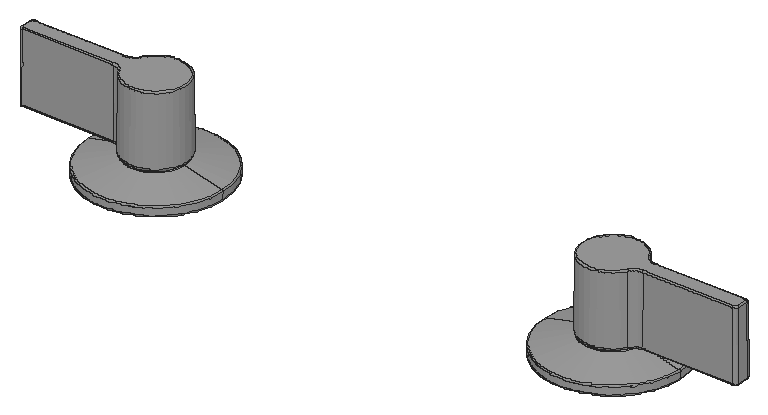
Revit family "Faucet-Handle-KOHLER-COMPONENTS-K-77981T", category Plumbing Fixtures, host Face, Revit 2017
Family settings
  Host = Face
  Round Connector Dimension = Use Diameter
  Part Type = Normal
  OmniClass Number = 23.31.11.00
  OmniClass Title = Faucets
  Cut with Voids When Loaded = No
  Shared = No
  Room Calculation Point = No
Parameters (values of type "Not A Type-See Type Catalog")
  Width [instance] = Faucet Hole Spacing  # 8"
  WaterSense Certified = 1 = 0  # no
  Waste Water Outlet = "Waste Water Outlet"  # constant formula
  Waste Connection = 1 = 0  # no
  Vent Connection = 1 = 0  # no
  URL = "http://www.kohler.com.cn/"
  Type = 1
  Ind Handle = or(Type = 15, Type = 16, Type = 17, Type = 18, Type = 19, Type = 20, Type = 21)  # no
  Oyl Handle = or(Type = 8, Type = 9, Type = 10, Type = 11, Type = 12, Type = 13, Type = 14)  # no
  Lever Handle = or(Type = 1, Type = 2, Type = 3, Type = 4, Type = 5, Type = 6, Type = 7)  # yes
  Product Page URL = "https://www.kohler.com.cn/product/K-77981T-4-CP/K-77981T-4-CP/"
  Product Name = "COMPONENTS"  # constant formula
  Product Documentation Link = "https://files.kohler.com.cn/pdfs/1558665144981_1312425-2_A1(77981T).pdf"
  Pressure = 0.00 psi
  Model = if(Type = 1, "K-77981T-4-CP", if(Type = 2, "K-77981T-4-AF", if(Type = 3, "K-77981T-4-BN", if(Type = 4, "K-77981T-4-RGD", if(Type = 5, "K-77981T-4-2BL", if(Type = 6, "K-77981T-4-TT", if(Type = 7, "K-77981T-4-2MB", if(Type = 8, "K-77981T-8-CP", if(Type = 9, "K-77981T-8-AF", if(Type = 10, "K-77981T-8-BN", if(Type = 11, "K-77981T-8-RGD", if(Type = 12, "K-77981T-8-2BL", if(Type = 13, "K-77981T-8-TT", if(Type = 14, "K-77981T-8-2MB", if(Type = 15, "K-77981T-9-CP", if(Type = 16, "K-77981T-9-AF", if(Type = 17, "K-77981T-9-BN", if(Type = 18, "K-77981T-9-RGD", if(Type = 19, "K-77981T-9-2BL", if(Type = 20, "K-77981T-9-TT", if(Type = 21, "K-77981T-9-2MB", "NA")))))))))))))))))))))  # "K-77981T-4-CP"
  Material = "Premium Metal Construction"  # constant formula
  Master Format 2014 = "22.41.39"  # constant formula
  Master Format 2014 Name = "Residential Faucets, Supplies, and Trim"  # constant formula
  Manufacturer Address = "Kohler Beijing Office (100016) 36-2-03-B, No. 88, Liuxiang Road, Beijing"  # constant formula
  Manufacturer = "KOHLER Co."  # constant formula
  Length = if(Lever Handle, 1.58268", if(Oyl Handle, 1.49606", 1.73228"))  # 1.58268"
  Hot Water Inlet = "Hot Water Inlet"  # constant formula
  Height = if(Lever Handle, 2.3622", if(Oyl Handle, 2.40157", 2.74016"))  # 2.3622"
  Handle Clearance = if(Lever Handle, 2.28346", if(Oyl Handle, 2.40157", 2.74016"))  # 2.28346"
  HW Connection = 1 = 1  # yes
  Flow Rate = 0 GPM
  Finish = Default
  Faucet Hole Spacing [instance] = 8"
  Environmental Product Declaration = ""
  Drain Included = 1 = 0  # no
  Dist_1 = if(Oyl Handle, 0", 2.3622")  # 2.3622"
  Dist = if(Lever Handle, 0", if(Oyl Handle, 1.20079", 1.37008"))  # 0"
  Description = if(or(Type = 1, Type = 2, Type = 3, Type = 4, Type = 5, Type = 6, Type = 7), "Double-handle wall outlet basin faucet handle lever type", if(or(Type = 8, Type = 9, Type = 10, Type = 11, Type = 12, Type = 13, Type = 14), "Double-handle wall outlet basin faucet handle post type", if(or(Type = 15, Type = 16, Type = 17, Type = 18, Type = 19, Type = 20, Type = 21), "Double Handle Wall Outlet Basin Faucet Handle-Wheel Type", "NA")))  # "Double-handle wall outlet basin faucet handle lever type"
  Default Elevation = 36"
  Declare Label = ""
  Date Modified = "09/08/2020"  # constant formula
  Date Created = "09/08/2020"  # constant formula
  Copyright = "Copyright KOHLER Co."  # constant formula
  Contact Us = "http://www.kohler.com.cn/contact/contact-us/"
  Cold Water Inlet = "Cold Water Inlet"  # constant formula
  CW Connection = 1 = 1  # yes
  Assembly Code = "D2010"
  ADA Compliant = 1 = 0  # no
Reference planes (in)
  plane 1 "Center (Front/Back)": y = 0
  plane 2: z = 0
  plane 3 "Center (Left/Right)": x = 0
  plane 4: x = -4
  plane 5: x = 4
  plane 6: x = -6.28346
  plane 7: x = -4
  plane 8: x = 6.28346
  plane 9: x = 4
  plane 10: x = -5.1811
  plane 11: x = -2.8189
  plane 12: x = 5.1811
  plane 13: x = 2.8189
  plane 14: y = 1.1811
  plane 15: y = -1.1811
  plane 16: z = 0.16166
  plane 17: z = 0.31496
  plane 18: z = 0.35433
  plane 19: z = 0.07874
  plane 20: z = 1.58268
Dimensions and locks (in)
  equal spacing: plane 4, plane 3 "Center (Left/Right)", plane 5
  "Faucet Hole Spacing": plane 4 to plane 5
  "Dist": plane 7 to plane 4
  "Handle Clearance": plane 6 to plane 7
  "Handle Clearance": plane 8 to plane 9
  "Dist": plane 9 to plane 5
  equal spacing: plane 11, plane 4, plane 10
  "Dist_1": plane 11 to plane 10
  "Dist_1": plane 13 to plane 12
  equal spacing: plane 12, plane 5, plane 13
  locked: plane 18 to level at 0.35433
  locked: plane 19 to level at 0.07874
  "Length": plane 20 to level
  equal spacing: plane 14, plane 1 "Center (Front/Back)", plane 15
  "Height": plane 14 to plane 15
  aligned and locked: plane 2 to host face
  aligned and locked: level to host face
  aligned and locked: plane 4 to nested 1
  aligned and locked: plane 5 to nested 2
Automatic sketch dimensions
  host sketch curve to host sketch curve = 96"  (x2)
Nested families (in)
  nested 1: "K-77981T" at (-4, 0, 0), type "K-77981T"
    with T77981_9 no, T77981_8 no
  nested 2: "K-77981T" at (4, 0, 0) x (-1, 0, 0) z (0, 0, 1), type "K-77981T"
    with T77981_9 no, T77981_8 no
Connectors (in)
  piping at (-4, 0, 0), diameter 0.5, driven by "Flow Rate", driven by "HW Connection", driven by "Hot Water Inlet"
    settings: on nested 1, index 1, connector inside diameter 24", connector length 0", flow factor 0, pipe flow 0 GPM, pressure drop 0.00 psi, fitting loss kfactor 0, connector angle 0.00°, fixture units 0, engagement length 0", angle of deflection 0.00°, flow configuration 0, flow direction 1, fitting loss method 0, system type 19, joint type 0, gender type 0, connector reference index -1, connector utility 1, adjustable connector no, is connector primary yes, connector description "Hot Water Inlet"
  piping at (4, 0, 0), diameter 0.5, driven by "Flow Rate", driven by "CW Connection", driven by "Cold Water Inlet"
    settings: on nested 2, index 2, connector inside diameter 24", connector length 0", flow factor 0, pipe flow 0 GPM, pressure drop 0.00 psi, fitting loss kfactor 0, connector angle 0.00°, fixture units 0, engagement length 0", angle of deflection 0.00°, flow configuration 0, flow direction 1, fitting loss method 0, system type 20, joint type 0, gender type 0, connector reference index -1, connector utility 1, adjustable connector no, is connector primary no, connector description "Cold Water Inlet"
Definition of nested family "K-77981T"
  Parameters (values of type "K-T77981")
    T77981_9 = yes
    T77981_8 = yes
    T77981_4 = yes
    Material = none
  Reference planes (in)
    plane 1 "Center (Front/Back)": y = 0
    plane 2: z = 0
    plane 3 "Center (Left/Right)": x = 0
    plane 4: y = 1.1811
    plane 5: x = 1.1811
    plane 6: x = -1.1811
    plane 7: y = -1.1811
    plane 8: x = -2.28346
    plane 9: y = 0.15354
    plane 10: y = -0.15354
    plane 11: z = 1.58268
    plane 12: z = 0.35433
    plane 13: x = 1.20079
    plane 14: x = -1.20079
    plane 15: y = 1.20079
    plane 16: y = -1.20079
    plane 17: z = 1.49606
    plane 18: z = 0.07874
    plane 19: y = 1.37008
    plane 20: x = 1.37008
    plane 21: x = -1.37008
    plane 22: y = -1.37008
    plane 23: z = 1.73228
  Forms (in)
    Sweep 1, solid, material <- "Material", visible <- "T77981_4", detail levels medium+fine
      path origin (0, 0, 0) x (1, 0, 0) y (0, 1, 0)
        loop
          arc (-0.63575, -0.11088) -> (-0.51559, -0.14389) -> (-0.42915, -0.23364) r 0.23524
          arc (-0.42915, -0.23364) -> (0.48863, 0.00024) -> (-0.42938, 0.23322) r 0.48863
          arc (-0.42938, 0.23322) -> (-0.51539, 0.14378) -> (-0.63504, 0.11088) r 0.23403
          line (-0.63504, 0.11088) -> (-2.21781, 0.11088)
          arc (-2.21781, 0.11088) -> (-2.2322, 0.10511) -> (-2.23862, 0.09099) r 0.02083
          arc (-2.23862, 0.09099) -> (-2.24065, 0.00021) -> (-2.23864, -0.09056) r 2.03242
          arc (-2.23864, -0.09056) -> (-2.23209, -0.10499) -> (-2.21739, -0.11088) r 0.02127
          line (-2.21739, -0.11088) -> (-0.63575, -0.11088)
      profile origin (-1.42642, 0.11088, 0) x (0, 1, 0) y (0, 0, 1)
        loop
          line (0.04249, 0.37413) -> (0.03212, 1.56173)
          arc (0.03212, 1.56173) -> (0.02629, 1.57556) -> (0.01241, 1.58127) r 0.01971
          line (0.01241, 1.58127) -> (-0.01834, 1.58127) -> (-0.01834, 0.35451) -> (0.02303, 0.35451)
          arc (0.02303, 0.35451) -> (0.03685, 0.36027) -> (0.04249, 0.37413) r 0.01946
    Extrusion 2, solid, material <- "Material", visible <- "T77981_4", detail levels medium+fine
      sketch origin (0, 0, 0) x (1, 0, 0) y (0, 1, 0)
        loop
          arc (-2.22019, 0.09254) -> (-2.22231, 0) -> (-2.22019, -0.09254) r 2.01408
          line (-2.22019, -0.09254) -> (-0.63575, -0.09254)
          arc (-0.63575, -0.09254) -> (-0.50622, -0.12812) -> (-0.41304, -0.22487) r 0.25358
          arc (-0.41304, -0.22487) -> (0.47028, 0.00023) -> (-0.41326, 0.22446) r 0.47029
          arc (-0.41326, 0.22446) -> (-0.50601, 0.12802) -> (-0.63504, 0.09254) r 0.25238
          line (-0.63504, 0.09254) -> (-2.22019, 0.09254)
      from 0.35451 to 1.58127
    Revolve 3, solid, material <- "Material", visible <- "T77981_4", detail levels medium+fine
      sketch origin (0, 0, 0) x (1, 0, 0) y (0, 0, 1)
        loop
          line (-1.16113, 0) -> (0, 0) -> (0, 0.35431) -> (-0.38393, 0.35431)
          arc (-0.38393, 0.35431) -> (-0.39591, 0.32644) -> (-0.42399, 0.31496) r 0.04006
          line (-0.42399, 0.31496) -> (-0.47587, 0.31496)
          arc (-0.47587, 0.31496) -> (-0.49159, 0.31408) -> (-0.50712, 0.31144) r 0.14039
          line (-0.50712, 0.31144) -> (-1.16315, 0.16166)
          arc (-1.16315, 0.16166) -> (-1.17613, 0.1535) -> (-1.18119, 0.13903) r 0.02321
          line (-1.18119, 0.13903) -> (-1.18119, 0.02005)
          arc (-1.18119, 0.02005) -> (-1.17531, 0.00587) -> (-1.16113, 0) r 0.02005
        axis (0, 0.35431) -> (0, 0)
      angle from 0 to 360
    Revolve 4, solid, material <- "Material", visible <- "T77981_8", detail levels medium+fine
      sketch origin (0, 0, 0) x (1, 0, 0) y (0, 0, 1)
        loop
          line (0, 1.49604) -> (-1.08565, 1.49604) -> (-1.14444, 1.43725) -> (-1.20093, 0.21681) -> (-1.17606, 0.19194) -> (-1.18031, 0.1)
          arc (-1.18031, 0.1) -> (-1.17471, 0.08501) -> (-1.15999, 0.07872) r 0.02034
          line (-1.15999, 0.07872) -> (0, 0.07872) -> (0, 1.49604)
        axis (0, 1.49604) -> (0, 0.07872)
      angle from 0 to 360
    Extrusion 5, solid, material <- "Material", visible <- "T77981_8", detail levels medium+fine
      sketch origin (0, 0, 0) x (1, 0, 0) y (0, 1, 0)
        loop
          line (-0.13149, 1.01514) -> (-0.8134, 0.62144)
          arc (-0.8134, 0.62144) -> (-0.88648, 0.51181) -> (-0.94488, 0.3937) r 1.02362
          line (-0.94488, 0.3937) -> (-0.94488, -0.3937)
          arc (-0.94488, -0.3937) -> (-0.88648, -0.51181) -> (-0.8134, -0.62144) r 1.02362
          line (-0.8134, -0.62144) -> (-0.13149, -1.01514)
          arc (-0.13149, -1.01514) -> (-0.06588, -1.0215) -> (0, -1.02362) r 1.02362
          arc (0, -1.02362) -> (0.06588, -1.0215) -> (0.13149, -1.01514) r 1.02362
          line (0.13149, -1.01514) -> (0.8134, -0.62144)
          arc (0.8134, -0.62144) -> (0.88648, -0.51181) -> (0.94488, -0.3937) r 1.02362
          line (0.94488, -0.3937) -> (0.94488, 0.3937)
          arc (0.94488, 0.3937) -> (0.88648, 0.51181) -> (0.8134, 0.62144) r 1.02362
          line (0.8134, 0.62144) -> (0.13149, 1.01514)
          arc (0.13149, 1.01514) -> (0.06588, 1.0215) -> (0, 1.02362) r 1.02362
          arc (0, 1.02362) -> (-0.06588, 1.0215) -> (-0.13149, 1.01514) r 1.02362
      from 0 to 0.07872
    Revolve 6, solid, material <- "Material", visible <- "T77981_9", detail levels medium+fine
      sketch origin (0, 0, 0) x (1, 0, 0) y (0, 0, 1)
        loop
          line (-1.16113, 0) -> (0, 0) -> (0, 1.53541) -> (-0.46383, 1.53541) -> (-0.50409, 1.49516)
          arc (-0.50409, 1.49516) -> (-0.51364, 0.93458) -> (-0.50411, 0.374) r 16.48087
          arc (-0.50411, 0.374) -> (-0.49791, 0.36004) -> (-0.48374, 0.35431) r 0.02038
          line (-0.48374, 0.35431) -> (-0.38393, 0.35431)
          arc (-0.38393, 0.35431) -> (-0.39591, 0.32644) -> (-0.42399, 0.31496) r 0.04006
          line (-0.42399, 0.31496) -> (-0.47587, 0.31496)
          arc (-0.47587, 0.31496) -> (-0.49159, 0.31408) -> (-0.50712, 0.31144) r 0.14039
          line (-0.50712, 0.31144) -> (-1.16315, 0.16166)
          arc (-1.16315, 0.16166) -> (-1.17613, 0.1535) -> (-1.18119, 0.13903) r 0.02321
          line (-1.18119, 0.13903) -> (-1.18119, 0.02005)
          arc (-1.18119, 0.02005) -> (-1.17531, 0.00587) -> (-1.16113, 0) r 0.02005
        axis (0, 1.53541) -> (0, 0)
      angle from 0 to 360
    Sweep 7, solid, material <- "Material", visible <- "T77981_9", detail levels medium+fine
      path origin (0, 0, 0) x (1, 0, 0) y (0, 1, 0)
        loop
          circle (0, 0) r 1.37424
      profile origin (1.37424, 0, 0) x (-1, 0, 0) y (0, 0, 1)
        loop
          arc (0.033, 1.1815) -> (0.32538, 1.45232) -> (0.04188, 1.73241) r 0.27576
          arc (0.04188, 1.73241) -> (0.00417, 1.71585) -> (-0.01132, 1.67769) r 0.05474
          line (-0.01132, 1.67769) -> (-0.01132, 1.22858)
          arc (-0.01132, 1.22858) -> (0.0015, 1.19625) -> (0.033, 1.1815) r 0.04716
    Extrusion 8, void
      sketch origin (0, 0, 0) x (1, 0, 0) y (0, 1, 0)
        loop
          line (-0.10782, 1.37001) -> (-0.32081, 1.33627) -> (-0.5259, 1.26963) -> (-0.71804, 1.17173) -> (-0.8925, 1.04498) -> (-1.04498, 0.8925) -> (-1.17173, 0.71804) -> (-1.26963, 0.5259) -> (-1.33627, 0.32081) -> (-1.37001, 0.10782) -> (-1.37001, -0.10782) -> (-1.33627, -0.32081) -> (-1.26963, -0.5259) -> (-1.17173, -0.71804) -> (-1.04498, -0.8925) -> (-0.8925, -1.04498) -> (-0.71804, -1.17173) -> (-0.5259, -1.26963) -> (-0.32081, -1.33627) -> (-0.10782, -1.37001) -> (0.10782, -1.37001) -> (0.32081, -1.33627) -> (0.5259, -1.26963) -> (0.71804, -1.17173) -> (0.8925, -1.04498) -> (1.04498, -0.8925) -> (1.17173, -0.71804) -> (1.26963, -0.5259) -> (1.33627, -0.32081) -> (1.37001, -0.10782) -> (1.37001, 0.10782) -> (1.33627, 0.32081) -> (1.26963, 0.5259) -> (1.17173, 0.71804) -> (1.04498, 0.8925) -> (0.8925, 1.04498) -> (0.71804, 1.17173) -> (0.5259, 1.26963) -> (0.32081, 1.33627) -> (0.10782, 1.37001) -> (-0.10782, 1.37001)
        loop
          circle (0, 0) r 1.60678
      from 1.16244 to 1.78771
    Sweep 9, solid, material <- "Material", visible <- "T77981_9", detail levels medium+fine
      path origin (0, 0, 0.03125) x (0, 1, 0) y (0, 0, 1)
        loop
          line (-0.42714, 0.51071) -> (-1.37597, 1.25577)
      profile origin (0, -0.90155, 0.91449) x (0, -0.61759, -0.7865) y (1, 0, 0)
        loop
          arc (-0.15714, -0.20159) -> (-0.05909, -0.00102) -> (-0.15555, 0.20033) r 0.25624
          arc (-0.15555, 0.20033) -> (-0.23897, 0.23095) -> (-0.3241, 0.20544) r 0.14063
          arc (-0.3241, 0.20544) -> (-0.43081, -0.00104) -> (-0.32239, -0.20663) r 0.2511
          arc (-0.32239, -0.20663) -> (-0.23894, -0.23125) -> (-0.15714, -0.20159) r 0.13938
    Extrusion 10, void
      sketch origin (0, 0, 0) x (0, 1, 0) y (0, 0, 1)
        loop
          line (-1.21334, 1.45627) -> (-1.46334, 1.45627) -> (-1.46334, 1.15752) -> (-1.34015, 1.15752) -> (-1.21334, 1.45627)
      from -0.3819 to 0.32081
    Revolve 11, solid, material <- "Material", visible <- "T77981_8", detail levels coarse
      sketch origin (0, 0, 0) x (1, 0, 0) y (0, 0, 1)
        loop
          line (0, 1.49604) -> (-1.20093, 1.49604) -> (-1.20093, 0) -> (0, 0) -> (0, 1.49604)
        axis (0, 1.49604) -> (0, 0)
      angle from 0 to 360
    Revolve 12, solid, material <- "Material", visible <- "T77981_9", detail levels coarse
      sketch origin (0, 0, 0) x (1, 0, 0) y (0, 0, 1)
        loop
          line (-1.18119, 0) -> (0, 0) -> (0, 1.53541) -> (-0.50267, 1.53541)
          arc (-0.50267, 1.53541) -> (-0.51363, 0.92401) -> (-0.50191, 0.31263) r 16.48087
          line (-0.50191, 0.31263) -> (-1.18119, 0.15754) -> (-1.18119, 0)
        axis (0, 1.53541) -> (0, 0)
      angle from 0 to 360
    Sweep 13, solid, material <- "Material", visible <- "T77981_9", detail levels coarse
      path origin (0, 0, 0.03125) x (0, 1, 0) y (0, 0, 1)
        loop
          line (-0.42714, 0.51071) -> (-1.37597, 1.25577)
      profile origin (0, -0.90155, 0.91449) x (0, -0.61759, -0.7865) y (1, 0, 0)
        loop
          arc (-0.15714, -0.20159) -> (-0.05909, -0.00102) -> (-0.15555, 0.20033) r 0.25624
          arc (-0.15555, 0.20033) -> (-0.23897, 0.23095) -> (-0.3241, 0.20544) r 0.14063
          arc (-0.3241, 0.20544) -> (-0.43081, -0.00104) -> (-0.32239, -0.20663) r 0.2511
          arc (-0.32239, -0.20663) -> (-0.23894, -0.23125) -> (-0.15714, -0.20159) r 0.13938
    Sweep 14, solid, material <- "Material", visible <- "T77981_9", detail levels coarse
      path origin (0, 0, 0) x (1, 0, 0) y (0, 1, 0)
        loop
          circle (0, 0) r 1.37424
      profile origin (1.37424, 0, 0) x (-1, 0, 0) y (0, 0, 1)
        loop
          arc (0.033, 1.1815) -> (0.32538, 1.45232) -> (0.04188, 1.73241) r 0.27576
          arc (0.04188, 1.73241) -> (0.00417, 1.71585) -> (-0.01132, 1.67769) r 0.05474
          line (-0.01132, 1.67769) -> (-0.01132, 1.22858)
          arc (-0.01132, 1.22858) -> (0.0015, 1.19625) -> (0.033, 1.1815) r 0.04716
    Revolve 15, solid, material <- "Material", visible <- "T77981_4", detail levels coarse
      sketch origin (0, 0, 0) x (1, 0, 0) y (0, 0, 1)
        loop
          line (-1.16113, 0) -> (0, 0) -> (0, 0.35431) -> (-0.42399, 0.35431) -> (-0.42399, 0.31496) -> (-0.47587, 0.31496)
          arc (-0.47587, 0.31496) -> (-0.49159, 0.31408) -> (-0.50712, 0.31144) r 0.14039
          line (-0.50712, 0.31144) -> (-1.16315, 0.16166)
          arc (-1.16315, 0.16166) -> (-1.17613, 0.1535) -> (-1.18119, 0.13903) r 0.02321
          line (-1.18119, 0.13903) -> (-1.18119, 0.02005)
          arc (-1.18119, 0.02005) -> (-1.17531, 0.00587) -> (-1.16113, 0) r 0.02005
        axis (0, 0.35431) -> (0, 0)
      angle from 0 to 360
    Extrusion 16, solid, material <- "Material", visible <- "T77981_4", detail levels coarse
      sketch origin (0, 0, 0) x (1, 0, 0) y (0, 1, 0)
        loop
          line (-2.28346, 0.1543) -> (-2.28346, -0.1543) -> (-0.62866, -0.1543)
          arc (-0.62866, -0.1543) -> (-0.53544, -0.18011) -> (-0.46878, -0.2502) r 0.18123
          arc (-0.46878, -0.2502) -> (0.53137, 0) -> (-0.46878, 0.2502) r 0.53137
          arc (-0.46878, 0.2502) -> (-0.53544, 0.18011) -> (-0.62866, 0.1543) r 0.18123
          line (-0.62866, 0.1543) -> (-2.28346, 0.1543)
      from 0.35451 to 1.58928
    Extrusion 17, solid, material <- "Material", detail levels medium+fine
      sketch origin (0, 0, 0) x (1, 0, 0) y (0, 1, 0)
        loop
          circle (0, 0) r 0.125
      from 0 to 0.03002
  Cuts and joins
    joined: Sweep 1, Extrusion 2, Revolve 3
    joined: Revolve 4, Extrusion 5
    Extrusion 8 cuts Sweep 7
    Extrusion 10 cuts Sweep 9
    joined: Revolve 6, Sweep 7, Sweep 9
    joined: Revolve 12, Sweep 13, Sweep 14
    joined: Revolve 15, Extrusion 16
  Lines and regions (in)
    Masking region 1, visible <- "T77981_4"
      outline origin (0, 0, 0) x (1, 0, 0) y (0, 1, 0)
        loop
          arc (-1.1719, -0.15354) -> (1.18192, -0.00038) -> (-1.1718, 0.1543) r 1.18192
          line (-1.1718, 0.1543) -> (-2.21744, 0.1543)
          arc (-2.21744, 0.1543) -> (-2.26061, 0.13719) -> (-2.28033, 0.09515) r 0.063
          arc (-2.28033, 0.09515) -> (-2.28323, 0.00038) -> (-2.28033, -0.0944) r 1.5479
          arc (-2.28033, -0.0944) -> (-2.26061, -0.13643) -> (-2.21744, -0.15354) r 0.063
          line (-2.21744, -0.15354) -> (-1.1719, -0.15354)
    Masking region 2, visible <- "T77981_4"
      outline origin (0, 0, 0) x (1, 0, 0) y (0, 0, 1)
        loop
          line (-1.16105, 0) -> (1.16105, 0)
          arc (1.16105, 0) -> (1.17523, 0.00587) -> (1.1811, 0.02005) r 0.02005
          line (1.1811, 0.02005) -> (1.1811, 0.13905)
          arc (1.1811, 0.13905) -> (1.17604, 0.15352) -> (1.16306, 0.16168) r 0.02321
          line (1.16306, 0.16168) -> (0.50712, 0.31144)
          arc (0.50712, 0.31144) -> (0.49159, 0.31408) -> (0.47587, 0.31496) r 0.14039
          line (0.47587, 0.31496) -> (0.42399, 0.31496)
          arc (0.42399, 0.31496) -> (0.3959, 0.32645) -> (0.38393, 0.35433) r 0.04006
          line (0.38393, 0.35433) -> (0.50825, 0.35433)
          arc (0.50825, 0.35433) -> (0.5239, 0.36085) -> (0.53029, 0.37654) r 0.02203
          line (0.53029, 0.37654) -> (0.52064, 1.55954)
          arc (0.52064, 1.55954) -> (0.51375, 1.57591) -> (0.49732, 1.58268) r 0.02332
          line (0.49732, 1.58268) -> (-2.2512, 1.58268)
          arc (-2.2512, 1.58268) -> (-2.26714, 1.57611) -> (-2.27384, 1.56023) r 0.02264
          line (-2.27384, 1.56023) -> (-2.28348, 0.3767)
          arc (-2.28348, 0.3767) -> (-2.27705, 0.36089) -> (-2.2613, 0.35433) r 0.02218
          line (-2.2613, 0.35433) -> (-0.38393, 0.35433)
          arc (-0.38393, 0.35433) -> (-0.39591, 0.32644) -> (-0.42399, 0.31496) r 0.04006
          line (-0.42399, 0.31496) -> (-0.47587, 0.31496)
          arc (-0.47587, 0.31496) -> (-0.49159, 0.31408) -> (-0.50712, 0.31144) r 0.14039
          line (-0.50712, 0.31144) -> (-1.16306, 0.16168)
          arc (-1.16306, 0.16168) -> (-1.17604, 0.15352) -> (-1.1811, 0.13905) r 0.02321
          line (-1.1811, 0.13905) -> (-1.1811, 0.02005)
          arc (-1.1811, 0.02005) -> (-1.17523, 0.00587) -> (-1.16105, 0) r 0.02005
    Masking region 3, visible <- "T77981_4"
      outline origin (0, 0, 0) x (0, 1, 0) y (0, 0, 1)
        loop
          arc (1.16113, 0) -> (1.17531, 0.00587) -> (1.18119, 0.02005) r 0.02005
          line (1.18119, 0.02005) -> (1.18119, 0.13903)
          arc (1.18119, 0.13903) -> (1.17613, 0.1535) -> (1.16315, 0.16166) r 0.02321
          line (1.16315, 0.16166) -> (0.50712, 0.31144)
          arc (0.50712, 0.31144) -> (0.49159, 0.31408) -> (0.47587, 0.31496) r 0.14039
          line (0.47587, 0.31496) -> (0.42399, 0.31496)
          arc (0.42399, 0.31496) -> (0.39591, 0.32644) -> (0.38393, 0.35431) r 0.04006
          line (0.38393, 0.35431) -> (0.50699, 0.35431)
          arc (0.50699, 0.35431) -> (0.52389, 0.36135) -> (0.53079, 0.37832) r 0.02381
          line (0.53079, 0.37832) -> (0.5208, 1.56044)
          arc (0.5208, 1.56044) -> (0.51416, 1.57618) -> (0.49837, 1.58268) r 0.02243
          line (0.49837, 1.58268) -> (-0.49837, 1.58268)
          arc (-0.49837, 1.58268) -> (-0.51416, 1.57618) -> (-0.5208, 1.56044) r 0.02243
          line (-0.5208, 1.56044) -> (-0.53079, 0.37832)
          arc (-0.53079, 0.37832) -> (-0.52389, 0.36135) -> (-0.50699, 0.35431) r 0.02381
          line (-0.50699, 0.35431) -> (-0.38393, 0.35431)
          arc (-0.38393, 0.35431) -> (-0.39591, 0.32644) -> (-0.42399, 0.31496) r 0.04006
          line (-0.42399, 0.31496) -> (-0.47587, 0.31496)
          arc (-0.47587, 0.31496) -> (-0.49159, 0.31408) -> (-0.50712, 0.31144) r 0.14039
          line (-0.50712, 0.31144) -> (-1.16315, 0.16166)
          arc (-1.16315, 0.16166) -> (-1.17613, 0.1535) -> (-1.18119, 0.13903) r 0.02321
          line (-1.18119, 0.13903) -> (-1.18119, 0.02005)
          arc (-1.18119, 0.02005) -> (-1.17531, 0.00587) -> (-1.16113, 0) r 0.02005
          line (-1.16113, 0) -> (1.16113, 0)
    Masking region 4, visible <- "T77981_8"
      outline origin (0, 0, 0) x (1, 0, 0) y (0, 1, 0)
        loop
          circle (0, 0) r 1.20079
    Masking region 5, visible <- "T77981_8"
      outline origin (0, 0, 0) x (1, 0, 0) y (0, 0, 1)
        loop
          line (-1.15999, 0.07874) -> (-0.94488, 0.07874) -> (-0.94488, 0) -> (0.94488, 0) -> (0.94488, 0.07874) -> (1.15999, 0.07874)
          arc (1.15999, 0.07874) -> (1.17471, 0.08503) -> (1.18031, 0.10002) r 0.02034
          line (1.18031, 0.10002) -> (1.17606, 0.19194) -> (1.20093, 0.21681) -> (1.14444, 1.43725) -> (1.08562, 1.49606) -> (-1.08562, 1.49606) -> (-1.14444, 1.43725) -> (-1.20093, 0.21681) -> (-1.17606, 0.19194) -> (-1.18031, 0.10002)
          arc (-1.18031, 0.10002) -> (-1.17471, 0.08503) -> (-1.15999, 0.07874) r 0.02034
    Masking region 6, visible <- "T77981_8"
      outline origin (0, 0, 0) x (0, 1, 0) y (0, 0, 1)
        loop
          arc (1.15999, 0.07872) -> (1.17471, 0.08501) -> (1.18031, 0.1) r 0.02034
          line (1.18031, 0.1) -> (1.17606, 0.19192) -> (1.20093, 0.21679) -> (1.14444, 1.43723) -> (1.08562, 1.49604) -> (-1.08562, 1.49604) -> (-1.14444, 1.43723) -> (-1.20093, 0.21679) -> (-1.17606, 0.19192) -> (-1.18031, 0.1)
          arc (-1.18031, 0.1) -> (-1.17471, 0.08501) -> (-1.15999, 0.07872) r 0.02034
          line (-1.15999, 0.07872) -> (-1.02362, 0.07872) -> (-1.02362, -0.00002) -> (1.02362, -0.00002) -> (1.02362, 0.07872) -> (1.15999, 0.07872)
    Masking region 7, visible <- "T77981_9"
      outline origin (0, 0, 0) x (1, 0, 0) y (0, 1, 0)
        loop
          circle (0, 0) r 1.37001
    Masking region 8, visible <- "T77981_9"
      outline origin (0, 0, 0) x (1, 0, 0) y (0, 0, 1)
        loop
          arc (1.16113, 0) -> (1.17531, 0.00587) -> (1.18119, 0.02005) r 0.02005
          line (1.18119, 0.02005) -> (1.18119, 0.13903)
          arc (1.18119, 0.13903) -> (1.17613, 0.1535) -> (1.16315, 0.16166) r 0.02321
          line (1.16315, 0.16166) -> (0.50712, 0.31144)
          arc (0.50712, 0.31144) -> (0.49159, 0.31408) -> (0.47587, 0.31496) r 0.14039
          line (0.47587, 0.31496) -> (0.42399, 0.31496)
          arc (0.42399, 0.31496) -> (0.39591, 0.32644) -> (0.38393, 0.35431) r 0.04006
          line (0.38393, 0.35431) -> (0.48374, 0.35431)
          arc (0.48374, 0.35431) -> (0.49791, 0.36004) -> (0.50411, 0.374) r 0.02038
          arc (0.50411, 0.374) -> (0.51289, 0.77729) -> (0.51179, 1.18068) r 16.48087
          line (0.51179, 1.18068) -> (1.33713, 1.18068)
          arc (1.33713, 1.18068) -> (1.35474, 1.18422) -> (1.37008, 1.19358) r 0.05173
          line (1.37008, 1.19358) -> (1.37008, 1.71592)
          arc (1.37008, 1.71592) -> (1.35235, 1.72775) -> (1.33152, 1.73228) r 0.05731
          line (1.33152, 1.73228) -> (-1.33152, 1.73228)
          arc (-1.33152, 1.73228) -> (-1.35235, 1.72775) -> (-1.37008, 1.71592) r 0.05731
          line (-1.37008, 1.71592) -> (-1.37008, 1.19358)
          arc (-1.37008, 1.19358) -> (-1.35474, 1.18422) -> (-1.33713, 1.18068) r 0.05173
          line (-1.33713, 1.18068) -> (-0.51179, 1.18068)
          arc (-0.51179, 1.18068) -> (-0.51289, 0.77729) -> (-0.50411, 0.374) r 16.48087
          arc (-0.50411, 0.374) -> (-0.49791, 0.36004) -> (-0.48374, 0.35431) r 0.02038
          line (-0.48374, 0.35431) -> (-0.38393, 0.35431)
          arc (-0.38393, 0.35431) -> (-0.39591, 0.32644) -> (-0.42399, 0.31496) r 0.04006
          line (-0.42399, 0.31496) -> (-0.47587, 0.31496)
          arc (-0.47587, 0.31496) -> (-0.49159, 0.31408) -> (-0.50712, 0.31144) r 0.14039
          line (-0.50712, 0.31144) -> (-1.16315, 0.16166)
          arc (-1.16315, 0.16166) -> (-1.17613, 0.1535) -> (-1.18119, 0.13903) r 0.02321
          line (-1.18119, 0.13903) -> (-1.18119, 0.02005)
          arc (-1.18119, 0.02005) -> (-1.17531, 0.00587) -> (-1.16113, 0) r 0.02005
          line (-1.16113, 0) -> (1.16113, 0)
    Masking region 9, visible <- "T77981_9"
      outline origin (0, 0, 0) x (0, 1, 0) y (0, 0, 1)
        loop
          arc (1.16113, 0) -> (1.17531, 0.00587) -> (1.18119, 0.02005) r 0.02005
          line (1.18119, 0.02005) -> (1.18119, 0.13903)
          arc (1.18119, 0.13903) -> (1.17613, 0.1535) -> (1.16315, 0.16166) r 0.02321
          line (1.16315, 0.16166) -> (0.50712, 0.31144)
          arc (0.50712, 0.31144) -> (0.49159, 0.31408) -> (0.47587, 0.31496) r 0.14039
          line (0.47587, 0.31496) -> (0.42399, 0.31496)
          arc (0.42399, 0.31496) -> (0.39591, 0.32644) -> (0.38393, 0.35431) r 0.04006
          line (0.38393, 0.35431) -> (0.48374, 0.35431)
          arc (0.48374, 0.35431) -> (0.49791, 0.36004) -> (0.50411, 0.374) r 0.02038
          arc (0.50411, 0.374) -> (0.51289, 0.77729) -> (0.51179, 1.18068) r 16.48087
          line (0.51179, 1.18068) -> (1.33713, 1.18068)
          arc (1.33713, 1.18068) -> (1.35474, 1.18422) -> (1.37008, 1.19358) r 0.05173
          line (1.37008, 1.19358) -> (1.37008, 1.71592)
          arc (1.37008, 1.71592) -> (1.35235, 1.72775) -> (1.33152, 1.73228) r 0.05731
          line (1.33152, 1.73228) -> (-1.33152, 1.73228)
          arc (-1.33152, 1.73228) -> (-1.35235, 1.72775) -> (-1.37008, 1.71592) r 0.05731
          line (-1.37008, 1.71592) -> (-1.37008, 1.19358)
          arc (-1.37008, 1.19358) -> (-1.35474, 1.18422) -> (-1.33713, 1.18068) r 0.05173
          line (-1.33713, 1.18068) -> (-1.14748, 1.18068) -> (-0.51174, 0.68398)
          arc (-0.51174, 0.68398) -> (-0.50865, 0.52897) -> (-0.50411, 0.374) r 16.48087
          arc (-0.50411, 0.374) -> (-0.49791, 0.36004) -> (-0.48374, 0.35431) r 0.02038
          line (-0.48374, 0.35431) -> (-0.38393, 0.35431)
          arc (-0.38393, 0.35431) -> (-0.39591, 0.32644) -> (-0.42399, 0.31496) r 0.04006
          line (-0.42399, 0.31496) -> (-0.47587, 0.31496)
          arc (-0.47587, 0.31496) -> (-0.49159, 0.31408) -> (-0.50712, 0.31144) r 0.14039
          line (-0.50712, 0.31144) -> (-1.16315, 0.16166)
          arc (-1.16315, 0.16166) -> (-1.17613, 0.1535) -> (-1.18119, 0.13903) r 0.02321
          line (-1.18119, 0.13903) -> (-1.18119, 0.02005)
          arc (-1.18119, 0.02005) -> (-1.17531, 0.00587) -> (-1.16113, 0) r 0.02005
          line (-1.16113, 0) -> (1.16113, 0)
    symbolic lines, visible <- "T77981_4", detail levels medium+fine
      curve 1: line (-1.1718, 0.1543, 0) -> (-0.62866, 0.1543, 0)
      curve 2: arc (-0.46878, -0.2502, 0) -> (0.53137, 0, 0) -> (-0.46878, 0.2502, 0) r 0.53137
      curve 3: arc (-0.62866, 0.1543, 0) -> (-0.53544, 0.18011, 0) -> (-0.46878, 0.2502, 0) r 0.18123
      curve 4: line (-1.1718, -0.1543, 0) -> (-0.62866, -0.1543, 0)
      curve 5: arc (-0.62866, -0.1543, 0) -> (-0.53544, -0.18011, 0) -> (-0.46878, -0.2502, 0) r 0.18123
      curve 6: line (-0.59055, 0, 1.58268) -> (-0.59055, 0, 0.35433)
      curve 7: line (-0.46238, 0, 1.58268) -> (-0.46238, 0, 0.35451)
      curve 8: line (-0.46238, 0, 0.35451) -> (0.40347, 0, 0.35451)
      curve 9: line (-0.42399, 0, 0.31496) -> (0.42399, 0, 0.31496)
      curve 10: line (-1.16306, 0, 0.16168) -> (1.16306, 0, 0.16168)
      curve 11: line (0, 0.15354, 0.37981) -> (0, 0.14242, 1.56086)
      curve 12: line (0, 0.38393, 0.35431) -> (0, -0.38393, 0.35431)
      curve 13: line (0, 0.42399, 0.31496) -> (0, -0.42399, 0.31496)
      curve 14: line (0, 1.16315, 0.16166) -> (0, -1.16315, 0.16166)
      curve 15: arc (0, 0.13143, 0.35431) -> (0, 0.14731, 0.36287) -> (0, 0.15354, 0.37981) r 0.02548
      curve 16: arc (0, 0.14242, 1.56086) -> (0, 0.13695, 1.57527) -> (0, 0.12343, 1.58268) r 0.02227
      curve 17: line (0, -0.15354, 0.37981) -> (0, -0.14242, 1.56086)
      curve 18: arc (0, -0.13143, 0.35431) -> (0, -0.14731, 0.36287) -> (0, -0.15354, 0.37981) r 0.02548
      curve 19: arc (0, -0.14242, 1.56086) -> (0, -0.13695, 1.57527) -> (0, -0.12343, 1.58268) r 0.02227
    symbolic lines, visible <- "T77981_8", detail levels medium+fine
      curve 20: circle (0, 0, 0) r 1.08565 normal (0, 0, 1)
      curve 21: circle (0, 0, 0) r 1.14446 normal (0, 0, 1)
      curve 22: line (-1.14444, 0, 1.43725) -> (1.14444, 0, 1.43725)
      curve 23: line (-1.20093, 0, 0.21681) -> (1.20093, 0, 0.21681)
      curve 24: line (1.17606, 0, 0.19194) -> (-1.17606, 0, 0.19194)
      curve 25: line (-0.94488, 0, 0.07872) -> (0.94488, 0, 0.07872)
      curve 26: line (-0.8134, 0, 0) -> (-0.8134, 0, 0.07874)
      curve 27: line (-0.13149, 0, 0) -> (-0.13149, 0, 0.07874)
      curve 28: line (0.13149, 0, 0) -> (0.13149, 0, 0.07874)
      curve 29: line (0.8134, 0, 0) -> (0.8134, 0, 0.07874)
      curve 30: line (0, 1.14444, 1.43723) -> (0, -1.14444, 1.43725)
      curve 31: line (0, 1.20093, 0.21679) -> (0, -1.20093, 0.21679)
      curve 32: line (0, 1.17606, 0.19192) -> (0, -1.17606, 0.19192)
      curve 33: line (0, 1.02362, 0.07872) -> (0, -1.02362, 0.07872)
      curve 34: line (0, -1.01514, 0) -> (0, -1.01514, 0.07874)
      curve 35: line (0, -0.62144, 0) -> (0, -0.62144, 0.07874)
      curve 36: line (0, -0.3937, 0) -> (0, -0.3937, 0.07874)
      curve 37: line (0, 0.62144, 0.07874) -> (0, 0.62144, 0)
      curve 38: line (0, 0.3937, 0) -> (0, 0.3937, 0.07874)
      curve 39: line (0, 1.01514, 0) -> (0, 1.01514, 0.07874)
    symbolic lines, visible <- "T77981_9", detail levels medium+fine
      curve 40: circle (0, 0, 0) r 0.46383 normal (0, 0, 1)
      curve 41: circle (0, 0, 0) r 0.51312 normal (0, 0, 1)
      curve 42: circle (0, 0, 0) r 0.50449 normal (0, 0, 1)
      curve 43: line (0.2053, -1.0301, 0) -> (-0.20526, -1.03011, 0)
      curve 44: arc (0.2053, -1.0301, 0) -> (-0.00002, 1.05036, 0) -> (-0.20526, -1.03011, 0) r 1.05036
      curve 45: line (-0.23212, -1.02439, 0) -> (-0.23212, -0.45762, 0)
      curve 46: line (0.23212, -1.02439, 0) -> (0.23212, -0.45762, 0)
      curve 47: line (1.16315, 0, 0.16166) -> (-1.16315, 0, 0.16166)
      curve 48: line (0.42399, 0, 0.31496) -> (-0.42399, 0, 0.31496)
      curve 49: line (0.38393, 0, 0.35431) -> (-0.38393, 0, 0.35431)
      curve 50: line (0.51179, 0, 1.18068) -> (-0.51179, 0, 1.18068)
      curve 51: line (1.33627, 0, 1.19793) -> (1.33627, 0, 1.71103)
      curve 52: spline (1.33627, 0, 1.19793) -> (1.33908, 0, 1.1966) -> (1.34189, 0, 1.19551) -> (1.3447, 0, 1.19467) -> (1.34751, 0, 1.19406) -> (1.35032, 0, 1.1937) -> (1.35314, 0, 1.19358) -> (1.35595, 0, 1.1937) -> (1.35877, 0, 1.19406) -> (1.36158, 0, 1.19467) -> (1.36439, 0, 1.19551) -> (1.3672, 0, 1.1966) -> (1.37001, 0, 1.19793)
      curve 53: spline (-1.37001, 0, 1.19793) -> (-1.3672, 0, 1.1966) -> (-1.36439, 0, 1.19551) -> (-1.36158, 0, 1.19467) -> (-1.35877, 0, 1.19406) -> (-1.35595, 0, 1.1937) -> (-1.35314, 0, 1.19358) -> (-1.35032, 0, 1.1937) -> (-1.34751, 0, 1.19406) -> (-1.3447, 0, 1.19467) -> (-1.34189, 0, 1.19551) -> (-1.33908, 0, 1.1966) -> (-1.33627, 0, 1.19793)
      curve 54: spline (-1.33627, 0, 1.19793) -> (-1.33073, 0, 1.1966) -> (-1.32518, 0, 1.19551) -> (-1.31963, 0, 1.19467) -> (-1.31407, 0, 1.19406) -> (-1.30851, 0, 1.1937) -> (-1.30295, 0, 1.19358) -> (-1.29739, 0, 1.1937) -> (-1.29184, 0, 1.19406) -> (-1.28628, 0, 1.19467) -> (-1.28073, 0, 1.19551) -> (-1.27518, 0, 1.1966) -> (-1.26963, 0, 1.19793)
      curve 55: spline (-1.26963, 0, 1.19793) -> (-1.26149, 0, 1.1966) -> (-1.25334, 0, 1.19551) -> (-1.24518, 0, 1.19467) -> (-1.23702, 0, 1.19406) -> (-1.22885, 0, 1.1937) -> (-1.22068, 0, 1.19358) -> (-1.21252, 0, 1.1937) -> (-1.20435, 0, 1.19406) -> (-1.19619, 0, 1.19467) -> (-1.18803, 0, 1.19551) -> (-1.17988, 0, 1.1966) -> (-1.17173, 0, 1.19793)
      curve 56: spline (-1.17173, 0, 1.19793) -> (-1.16119, 0, 1.1966) -> (-1.15063, 0, 1.19551) -> (-1.14007, 0, 1.19467) -> (-1.1295, 0, 1.19406) -> (-1.11893, 0, 1.1937) -> (-1.10836, 0, 1.19358) -> (-1.09778, 0, 1.1937) -> (-1.08721, 0, 1.19406) -> (-1.07664, 0, 1.19467) -> (-1.06608, 0, 1.19551) -> (-1.05553, 0, 1.1966) -> (-1.04498, 0, 1.19793)
      curve 57: spline (-1.04498, 0, 1.19793) -> (-1.0323, 0, 1.1966) -> (-1.0196, 0, 1.19551) -> (-1.00689, 0, 1.19467) -> (-0.99418, 0, 1.19406) -> (-0.98146, 0, 1.1937) -> (-0.96874, 0, 1.19358) -> (-0.95602, 0, 1.1937) -> (-0.9433, 0, 1.19406) -> (-0.93059, 0, 1.19467) -> (-0.91788, 0, 1.19551) -> (-0.90518, 0, 1.1966) -> (-0.8925, 0, 1.19793)
      curve 58: spline (-0.8925, 0, 1.19793) -> (-0.87798, 0, 1.1966) -> (-0.86346, 0, 1.19551) -> (-0.84892, 0, 1.19467) -> (-0.83437, 0, 1.19406) -> (-0.81982, 0, 1.1937) -> (-0.80527, 0, 1.19358) -> (-0.79072, 0, 1.1937) -> (-0.77616, 0, 1.19406) -> (-0.76162, 0, 1.19467) -> (-0.74708, 0, 1.19551) -> (-0.73255, 0, 1.1966) -> (-0.71804, 0, 1.19793)
      curve 59: spline (-0.71804, 0, 1.19793) -> (-0.70205, 0, 1.1966) -> (-0.68606, 0, 1.19551) -> (-0.67004, 0, 1.19467) -> (-0.65402, 0, 1.19406) -> (-0.638, 0, 1.1937) -> (-0.62197, 0, 1.19358) -> (-0.60594, 0, 1.1937) -> (-0.58992, 0, 1.19406) -> (-0.5739, 0, 1.19467) -> (-0.55788, 0, 1.19551) -> (-0.54188, 0, 1.1966) -> (-0.5259, 0, 1.19793)
      curve 60: spline (-0.5259, 0, 1.19793) -> (-0.50884, 0, 1.1966) -> (-0.49176, 0, 1.19551) -> (-0.47467, 0, 1.19467) -> (-0.45757, 0, 1.19406) -> (-0.44046, 0, 1.1937) -> (-0.42336, 0, 1.19358) -> (-0.40625, 0, 1.1937) -> (-0.38914, 0, 1.19406) -> (-0.37204, 0, 1.19467) -> (-0.35495, 0, 1.19551) -> (-0.33787, 0, 1.1966) -> (-0.32081, 0, 1.19793)
      curve 61: spline (-0.32081, 0, 1.19793) -> (-0.30309, 0, 1.1966) -> (-0.28536, 0, 1.19551) -> (-0.26761, 0, 1.19467) -> (-0.24985, 0, 1.19406) -> (-0.23208, 0, 1.1937) -> (-0.21432, 0, 1.19358) -> (-0.19655, 0, 1.1937) -> (-0.17878, 0, 1.19406) -> (-0.16103, 0, 1.19467) -> (-0.14328, 0, 1.19551) -> (-0.12554, 0, 1.1966) -> (-0.10782, 0, 1.19793)
      curve 62: arc (-0.10782, 0, 1.19793) -> (0, 0, 1.19358) -> (0.10782, 0, 1.19793) r 1.33765
      curve 63: spline (0.10782, 0, 1.19793) -> (0.12554, 0, 1.1966) -> (0.14328, 0, 1.19551) -> (0.16103, 0, 1.19467) -> (0.17878, 0, 1.19406) -> (0.19655, 0, 1.1937) -> (0.21432, 0, 1.19358) -> (0.23208, 0, 1.1937) -> (0.24985, 0, 1.19406) -> (0.26761, 0, 1.19467) -> (0.28536, 0, 1.19551) -> (0.30309, 0, 1.1966) -> (0.32081, 0, 1.19793)
      curve 64: spline (0.32081, 0, 1.19793) -> (0.33787, 0, 1.1966) -> (0.35495, 0, 1.19551) -> (0.37204, 0, 1.19467) -> (0.38914, 0, 1.19406) -> (0.40625, 0, 1.1937) -> (0.42336, 0, 1.19358) -> (0.44046, 0, 1.1937) -> (0.45757, 0, 1.19406) -> (0.47467, 0, 1.19467) -> (0.49176, 0, 1.19551) -> (0.50884, 0, 1.1966) -> (0.5259, 0, 1.19793)
      curve 65: spline (0.5259, 0, 1.19793) -> (0.54188, 0, 1.1966) -> (0.55788, 0, 1.19551) -> (0.5739, 0, 1.19467) -> (0.58992, 0, 1.19406) -> (0.60594, 0, 1.1937) -> (0.62197, 0, 1.19358) -> (0.638, 0, 1.1937) -> (0.65402, 0, 1.19406) -> (0.67004, 0, 1.19467) -> (0.68606, 0, 1.19551) -> (0.70205, 0, 1.1966) -> (0.71804, 0, 1.19793)
      curve 66: spline (0.71804, 0, 1.19793) -> (0.73255, 0, 1.1966) -> (0.74708, 0, 1.19551) -> (0.76162, 0, 1.19467) -> (0.77616, 0, 1.19406) -> (0.79072, 0, 1.1937) -> (0.80527, 0, 1.19358) -> (0.81982, 0, 1.1937) -> (0.83437, 0, 1.19406) -> (0.84892, 0, 1.19467) -> (0.86346, 0, 1.19551) -> (0.87798, 0, 1.1966) -> (0.8925, 0, 1.19793)
      curve 67: spline (0.8925, 0, 1.19793) -> (0.90518, 0, 1.1966) -> (0.91788, 0, 1.19551) -> (0.93059, 0, 1.19467) -> (0.9433, 0, 1.19406) -> (0.95602, 0, 1.1937) -> (0.96874, 0, 1.19358) -> (0.98146, 0, 1.1937) -> (0.99418, 0, 1.19406) -> (1.00689, 0, 1.19467) -> (1.0196, 0, 1.19551) -> (1.0323, 0, 1.1966) -> (1.04498, 0, 1.19793)
      curve 68: spline (1.04498, 0, 1.19793) -> (1.05553, 0, 1.1966) -> (1.06608, 0, 1.19551) -> (1.07664, 0, 1.19467) -> (1.08721, 0, 1.19406) -> (1.09778, 0, 1.1937) -> (1.10836, 0, 1.19358) -> (1.11893, 0, 1.1937) -> (1.1295, 0, 1.19406) -> (1.14007, 0, 1.19467) -> (1.15063, 0, 1.19551) -> (1.16119, 0, 1.1966) -> (1.17173, 0, 1.19793)
      curve 69: spline (1.17173, 0, 1.19793) -> (1.17988, 0, 1.1966) -> (1.18803, 0, 1.19551) -> (1.19619, 0, 1.19467) -> (1.20435, 0, 1.19406) -> (1.21252, 0, 1.1937) -> (1.22068, 0, 1.19358) -> (1.22885, 0, 1.1937) -> (1.23702, 0, 1.19406) -> (1.24518, 0, 1.19467) -> (1.25334, 0, 1.19551) -> (1.26149, 0, 1.1966) -> (1.26963, 0, 1.19793)
      curve 70: spline (1.26963, 0, 1.19793) -> (1.27518, 0, 1.1966) -> (1.28073, 0, 1.19551) -> (1.28628, 0, 1.19467) -> (1.29184, 0, 1.19406) -> (1.29739, 0, 1.1937) -> (1.30295, 0, 1.19358) -> (1.30851, 0, 1.1937) -> (1.31407, 0, 1.19406) -> (1.31963, 0, 1.19467) -> (1.32518, 0, 1.19551) -> (1.33073, 0, 1.1966) -> (1.33627, 0, 1.19793)
      curve 71: spline (1.37001, 0, 1.71103) -> (1.3672, 0, 1.71252) -> (1.36439, 0, 1.71374) -> (1.36158, 0, 1.71469) -> (1.35877, 0, 1.71537) -> (1.35595, 0, 1.71578) -> (1.35314, 0, 1.71592) -> (1.35032, 0, 1.71578) -> (1.34751, 0, 1.71537) -> (1.3447, 0, 1.71469) -> (1.34189, 0, 1.71374) -> (1.33908, 0, 1.71252) -> (1.33627, 0, 1.71103)
      curve 72: spline (1.33627, 0, 1.71103) -> (1.33073, 0, 1.71252) -> (1.32518, 0, 1.71374) -> (1.31963, 0, 1.71469) -> (1.31407, 0, 1.71537) -> (1.30851, 0, 1.71578) -> (1.30295, 0, 1.71592) -> (1.29739, 0, 1.71578) -> (1.29183, 0, 1.71537) -> (1.28628, 0, 1.71469) -> (1.28072, 0, 1.71374) -> (1.27518, 0, 1.71252) -> (1.26963, 0, 1.71103)
      curve 73: spline (1.26963, 0, 1.71103) -> (1.26149, 0, 1.71252) -> (1.25334, 0, 1.71374) -> (1.24518, 0, 1.71469) -> (1.23702, 0, 1.71537) -> (1.22885, 0, 1.71578) -> (1.22068, 0, 1.71592) -> (1.21252, 0, 1.71578) -> (1.20435, 0, 1.71537) -> (1.19618, 0, 1.71469) -> (1.18803, 0, 1.71374) -> (1.17988, 0, 1.71252) -> (1.17173, 0, 1.71103)
      curve 74: spline (1.17173, 0, 1.71103) -> (1.16119, 0, 1.71252) -> (1.15064, 0, 1.71374) -> (1.14008, 0, 1.71469) -> (1.12951, 0, 1.71537) -> (1.11893, 0, 1.71578) -> (1.10836, 0, 1.71592) -> (1.09778, 0, 1.71578) -> (1.08721, 0, 1.71537) -> (1.07664, 0, 1.71469) -> (1.06608, 0, 1.71374) -> (1.05552, 0, 1.71252) -> (1.04498, 0, 1.71103)
      curve 75: spline (1.04498, 0, 1.71103) -> (1.0323, 0, 1.71252) -> (1.01961, 0, 1.71374) -> (1.0069, 0, 1.71469) -> (0.99419, 0, 1.71537) -> (0.98146, 0, 1.71578) -> (0.96874, 0, 1.71592) -> (0.95602, 0, 1.71578) -> (0.9433, 0, 1.71537) -> (0.93058, 0, 1.71469) -> (0.91787, 0, 1.71374) -> (0.90518, 0, 1.71252) -> (0.8925, 0, 1.71103)
      curve 76: spline (0.8925, 0, 1.71103) -> (0.87799, 0, 1.71252) -> (0.86347, 0, 1.71374) -> (0.84893, 0, 1.71469) -> (0.83438, 0, 1.71537) -> (0.81983, 0, 1.71578) -> (0.80527, 0, 1.71592) -> (0.79071, 0, 1.71578) -> (0.77616, 0, 1.71537) -> (0.76161, 0, 1.71469) -> (0.74707, 0, 1.71374) -> (0.73255, 0, 1.71252) -> (0.71804, 0, 1.71103)
      curve 77: spline (0.71804, 0, 1.71103) -> (0.70206, 0, 1.71252) -> (0.68607, 0, 1.71374) -> (0.67005, 0, 1.71469) -> (0.65403, 0, 1.71537) -> (0.638, 0, 1.71578) -> (0.62197, 0, 1.71592) -> (0.60594, 0, 1.71578) -> (0.58991, 0, 1.71537) -> (0.57389, 0, 1.71469) -> (0.55787, 0, 1.71374) -> (0.54188, 0, 1.71252) -> (0.5259, 0, 1.71103)
      curve 78: spline (0.5259, 0, 1.71103) -> (0.50884, 0, 1.71252) -> (0.49177, 0, 1.71374) -> (0.47468, 0, 1.71469) -> (0.45758, 0, 1.71537) -> (0.44047, 0, 1.71578) -> (0.42336, 0, 1.71592) -> (0.40624, 0, 1.71578) -> (0.38913, 0, 1.71537) -> (0.37203, 0, 1.71469) -> (0.35494, 0, 1.71374) -> (0.33787, 0, 1.71252) -> (0.32081, 0, 1.71103)
      curve 79: spline (0.32081, 0, 1.71103) -> (0.3031, 0, 1.71252) -> (0.28537, 0, 1.71374) -> (0.26762, 0, 1.71469) -> (0.24986, 0, 1.71537) -> (0.23209, 0, 1.71578) -> (0.21432, 0, 1.71592) -> (0.19654, 0, 1.71578) -> (0.17877, 0, 1.71537) -> (0.16101, 0, 1.71469) -> (0.14327, 0, 1.71374) -> (0.12553, 0, 1.71252) -> (0.10782, 0, 1.71103)
      curve 80: arc (0.10782, 0, 1.71103) -> (0, 0, 1.71592) -> (-0.10782, 0, 1.71103) r 1.19092
      curve 81: spline (-0.10782, 0, 1.71103) -> (-0.12553, 0, 1.71252) -> (-0.14327, 0, 1.71374) -> (-0.16101, 0, 1.71469) -> (-0.17877, 0, 1.71537) -> (-0.19654, 0, 1.71578) -> (-0.21432, 0, 1.71592) -> (-0.23209, 0, 1.71578) -> (-0.24986, 0, 1.71537) -> (-0.26762, 0, 1.71469) -> (-0.28537, 0, 1.71374) -> (-0.3031, 0, 1.71252) -> (-0.32081, 0, 1.71103)
      curve 82: spline (-0.32081, 0, 1.71103) -> (-0.33787, 0, 1.71252) -> (-0.35494, 0, 1.71374) -> (-0.37203, 0, 1.71469) -> (-0.38913, 0, 1.71537) -> (-0.40624, 0, 1.71578) -> (-0.42336, 0, 1.71592) -> (-0.44047, 0, 1.71578) -> (-0.45758, 0, 1.71537) -> (-0.47468, 0, 1.71469) -> (-0.49177, 0, 1.71374) -> (-0.50884, 0, 1.71252) -> (-0.5259, 0, 1.71103)
      curve 83: spline (-0.5259, 0, 1.71103) -> (-0.54188, 0, 1.71252) -> (-0.55787, 0, 1.71374) -> (-0.57389, 0, 1.71469) -> (-0.58991, 0, 1.71537) -> (-0.60594, 0, 1.71578) -> (-0.62197, 0, 1.71592) -> (-0.638, 0, 1.71578) -> (-0.65403, 0, 1.71537) -> (-0.67005, 0, 1.71469) -> (-0.68607, 0, 1.71374) -> (-0.70206, 0, 1.71252) -> (-0.71804, 0, 1.71103)
      curve 84: spline (-0.71804, 0, 1.71103) -> (-0.73255, 0, 1.71252) -> (-0.74707, 0, 1.71374) -> (-0.76161, 0, 1.71469) -> (-0.77616, 0, 1.71537) -> (-0.79071, 0, 1.71578) -> (-0.80527, 0, 1.71592) -> (-0.81983, 0, 1.71578) -> (-0.83438, 0, 1.71537) -> (-0.84893, 0, 1.71469) -> (-0.86347, 0, 1.71374) -> (-0.87799, 0, 1.71252) -> (-0.8925, 0, 1.71103)
      curve 85: spline (-0.8925, 0, 1.71103) -> (-0.90518, 0, 1.71252) -> (-0.91787, 0, 1.71374) -> (-0.93058, 0, 1.71469) -> (-0.9433, 0, 1.71537) -> (-0.95602, 0, 1.71578) -> (-0.96874, 0, 1.71592) -> (-0.98146, 0, 1.71578) -> (-0.99419, 0, 1.71537) -> (-1.0069, 0, 1.71469) -> (-1.01961, 0, 1.71374) -> (-1.0323, 0, 1.71252) -> (-1.04498, 0, 1.71103)
      curve 86: spline (-1.04498, 0, 1.71103) -> (-1.05552, 0, 1.71252) -> (-1.06608, 0, 1.71374) -> (-1.07664, 0, 1.71469) -> (-1.08721, 0, 1.71537) -> (-1.09778, 0, 1.71578) -> (-1.10836, 0, 1.71592) -> (-1.11893, 0, 1.71578) -> (-1.12951, 0, 1.71537) -> (-1.14008, 0, 1.71469) -> (-1.15064, 0, 1.71374) -> (-1.16119, 0, 1.71252) -> (-1.17173, 0, 1.71103)
      curve 87: spline (-1.17173, 0, 1.71103) -> (-1.17988, 0, 1.71252) -> (-1.18803, 0, 1.71374) -> (-1.19618, 0, 1.71469) -> (-1.20435, 0, 1.71537) -> (-1.21252, 0, 1.71578) -> (-1.22068, 0, 1.71592) -> (-1.22885, 0, 1.71578) -> (-1.23702, 0, 1.71537) -> (-1.24518, 0, 1.71469) -> (-1.25334, 0, 1.71374) -> (-1.26149, 0, 1.71252) -> (-1.26963, 0, 1.71103)
      curve 88: spline (-1.26963, 0, 1.71103) -> (-1.27518, 0, 1.71252) -> (-1.28072, 0, 1.71374) -> (-1.28628, 0, 1.71469) -> (-1.29183, 0, 1.71537) -> (-1.29739, 0, 1.71578) -> (-1.30295, 0, 1.71592) -> (-1.30851, 0, 1.71578) -> (-1.31407, 0, 1.71537) -> (-1.31963, 0, 1.71469) -> (-1.32518, 0, 1.71374) -> (-1.33073, 0, 1.71252) -> (-1.33627, 0, 1.71103)
      curve 89: spline (-1.33627, 0, 1.71103) -> (-1.33908, 0, 1.71252) -> (-1.34189, 0, 1.71374) -> (-1.3447, 0, 1.71469) -> (-1.34751, 0, 1.71537) -> (-1.35032, 0, 1.71578) -> (-1.35314, 0, 1.71592) -> (-1.35595, 0, 1.71578) -> (-1.35877, 0, 1.71537) -> (-1.36158, 0, 1.71469) -> (-1.36439, 0, 1.71374) -> (-1.3672, 0, 1.71252) -> (-1.37001, 0, 1.71103)
      curve 90: line (1.26963, 0, 1.19793) -> (1.26963, 0, 1.71103)
      curve 91: line (1.17173, 0, 1.19793) -> (1.17173, 0, 1.71103)
      curve 92: line (1.04498, 0, 1.19793) -> (1.04498, 0, 1.71103)
      curve 93: line (0.8925, 0, 1.19793) -> (0.8925, 0, 1.71103)
      curve 94: line (0.71804, 0, 1.19793) -> (0.71804, 0, 1.71103)
      curve 95: line (0.5259, 0, 1.19793) -> (0.5259, 0, 1.71103)
      curve 96: line (0.32081, 0, 1.19793) -> (0.32081, 0, 1.71103)
      curve 97: line (0.10782, 0, 1.19793) -> (0.10782, 0, 1.71103)
      curve 98: line (-0.10782, 0, 1.19793) -> (-0.10782, 0, 1.71103)
      curve 99: line (-0.32081, 0, 1.71103) -> (-0.32081, 0, 1.19793)
      curve 100: line (-0.5259, 0, 1.19793) -> (-0.5259, 0, 1.71103)
      curve 101: line (-0.71804, 0, 1.19793) -> (-0.71804, 0, 1.71103)
      curve 102: line (-0.8925, 0, 1.19793) -> (-0.8925, 0, 1.71103)
      curve 103: line (-1.04498, 0, 1.19793) -> (-1.04498, 0, 1.71103)
      curve 104: line (-1.17173, 0, 1.19793) -> (-1.17173, 0, 1.71103)
      curve 105: line (-1.26963, 0, 1.19793) -> (-1.26963, 0, 1.71103)
      curve 106: line (-1.33627, 0, 1.19793) -> (-1.33627, 0, 1.71103)
      curve 107: line (0, 0.38393, 0.35431) -> (0, -0.38393, 0.35431)
      curve 108: line (0, 0.42399, 0.31496) -> (0, -0.42399, 0.31496)
      curve 109: line (0, 1.16315, 0.16166) -> (0, -1.16315, 0.16166)
      curve 110: line (0, 0.51179, 1.18068) -> (0, -1.14748, 1.18068)
      curve 111: spline (0, -0.47121, 0.77605) -> (0, -0.46745, 0.79188) -> (0, -0.46433, 0.80852) -> (0, -0.46185, 0.82581) -> (0, -0.46005, 0.8436) -> (0, -0.45894, 0.86174) -> (0, -0.45854, 0.88006) -> (0, -0.45883, 0.89842) -> (0, -0.45983, 0.91663) -> (0, -0.46152, 0.93456) -> (0, -0.4639, 0.95203) -> (0, -0.46692, 0.96889) -> (0, -0.47058, 0.985)
      curve 112: arc (0, -0.51174, 0.68398) -> (0, -0.48786, 0.72842) -> (0, -0.47121, 0.77605) r 0.32209
      curve 113: line (0, -0.47058, 0.985) -> (0, -0.52005, 1.18068)
      curve 114: arc (0, 0, 1.19358) -> (0, 0.05396, 1.19457) -> (0, 0.10782, 1.19793) r 1.22587
      curve 115: spline (0, 0.10782, 1.19793) -> (0, 0.12554, 1.1966) -> (0, 0.14328, 1.19551) -> (0, 0.16103, 1.19467) -> (0, 0.17878, 1.19406) -> (0, 0.19655, 1.1937) -> (0, 0.21432, 1.19358) -> (0, 0.23208, 1.1937) -> (0, 0.24985, 1.19406) -> (0, 0.26761, 1.19467) -> (0, 0.28536, 1.19551) -> (0, 0.30309, 1.1966) -> (0, 0.32081, 1.19793)
      curve 116: spline (0, 0.32081, 1.19793) -> (0, 0.33787, 1.1966) -> (0, 0.35495, 1.19551) -> (0, 0.37204, 1.19467) -> (0, 0.38914, 1.19406) -> (0, 0.40625, 1.1937) -> (0, 0.42336, 1.19358) -> (0, 0.44046, 1.1937) -> (0, 0.45757, 1.19406) -> (0, 0.47467, 1.19467) -> (0, 0.49176, 1.19551) -> (0, 0.50884, 1.1966) -> (0, 0.5259, 1.19793)
      curve 117: spline (0, 0.5259, 1.19793) -> (0, 0.54188, 1.1966) -> (0, 0.55788, 1.19551) -> (0, 0.5739, 1.19467) -> (0, 0.58992, 1.19406) -> (0, 0.60594, 1.1937) -> (0, 0.62197, 1.19358) -> (0, 0.638, 1.1937) -> (0, 0.65402, 1.19406) -> (0, 0.67004, 1.19467) -> (0, 0.68606, 1.19551) -> (0, 0.70205, 1.1966) -> (0, 0.71804, 1.19793)
      curve 118: spline (0, 0.71804, 1.19793) -> (0, 0.73255, 1.1966) -> (0, 0.74708, 1.19551) -> (0, 0.76162, 1.19467) -> (0, 0.77616, 1.19406) -> (0, 0.79072, 1.1937) -> (0, 0.80527, 1.19358) -> (0, 0.81982, 1.1937) -> (0, 0.83437, 1.19406) -> (0, 0.84892, 1.19467) -> (0, 0.86346, 1.19551) -> (0, 0.87798, 1.1966) -> (0, 0.8925, 1.19793)
      curve 119: spline (0, 0.8925, 1.19793) -> (0, 0.90518, 1.1966) -> (0, 0.91788, 1.19551) -> (0, 0.93059, 1.19467) -> (0, 0.9433, 1.19406) -> (0, 0.95602, 1.1937) -> (0, 0.96874, 1.19358) -> (0, 0.98146, 1.1937) -> (0, 0.99418, 1.19406) -> (0, 1.00689, 1.19467) -> (0, 1.0196, 1.19551) -> (0, 1.0323, 1.1966) -> (0, 1.04498, 1.19793)
      curve 120: spline (0, 1.04498, 1.19793) -> (0, 1.05553, 1.1966) -> (0, 1.06608, 1.19551) -> (0, 1.07664, 1.19467) -> (0, 1.08721, 1.19406) -> (0, 1.09778, 1.1937) -> (0, 1.10836, 1.19358) -> (0, 1.11893, 1.1937) -> (0, 1.1295, 1.19406) -> (0, 1.14007, 1.19467) -> (0, 1.15063, 1.19551) -> (0, 1.16119, 1.1966) -> (0, 1.17173, 1.19793)
      curve 121: spline (0, 1.17173, 1.19793) -> (0, 1.17988, 1.1966) -> (0, 1.18803, 1.19551) -> (0, 1.19619, 1.19467) -> (0, 1.20435, 1.19406) -> (0, 1.21252, 1.1937) -> (0, 1.22068, 1.19358) -> (0, 1.22885, 1.1937) -> (0, 1.23702, 1.19406) -> (0, 1.24518, 1.19467) -> (0, 1.25334, 1.19551) -> (0, 1.26149, 1.1966) -> (0, 1.26963, 1.19793)
      curve 122: spline (0, 1.26963, 1.19793) -> (0, 1.27518, 1.1966) -> (0, 1.28073, 1.19551) -> (0, 1.28628, 1.19467) -> (0, 1.29184, 1.19406) -> (0, 1.29739, 1.1937) -> (0, 1.30295, 1.19358) -> (0, 1.30851, 1.1937) -> (0, 1.31407, 1.19406) -> (0, 1.31963, 1.19467) -> (0, 1.32518, 1.19551) -> (0, 1.33073, 1.1966) -> (0, 1.33627, 1.19793)
      curve 123: spline (0, 1.33627, 1.19793) -> (0, 1.33908, 1.1966) -> (0, 1.34189, 1.19551) -> (0, 1.3447, 1.19467) -> (0, 1.34751, 1.19406) -> (0, 1.35032, 1.1937) -> (0, 1.35314, 1.19358) -> (0, 1.35595, 1.1937) -> (0, 1.35877, 1.19406) -> (0, 1.36158, 1.19467) -> (0, 1.36439, 1.19551) -> (0, 1.3672, 1.1966) -> (0, 1.37001, 1.19793)
      curve 124: spline (0, 1.37001, 1.71103) -> (0, 1.3672, 1.71252) -> (0, 1.36439, 1.71374) -> (0, 1.36158, 1.71469) -> (0, 1.35877, 1.71537) -> (0, 1.35595, 1.71578) -> (0, 1.35314, 1.71592) -> (0, 1.35032, 1.71578) -> (0, 1.34751, 1.71537) -> (0, 1.3447, 1.71469) -> (0, 1.34189, 1.71374) -> (0, 1.33908, 1.71252) -> (0, 1.33627, 1.71103)
